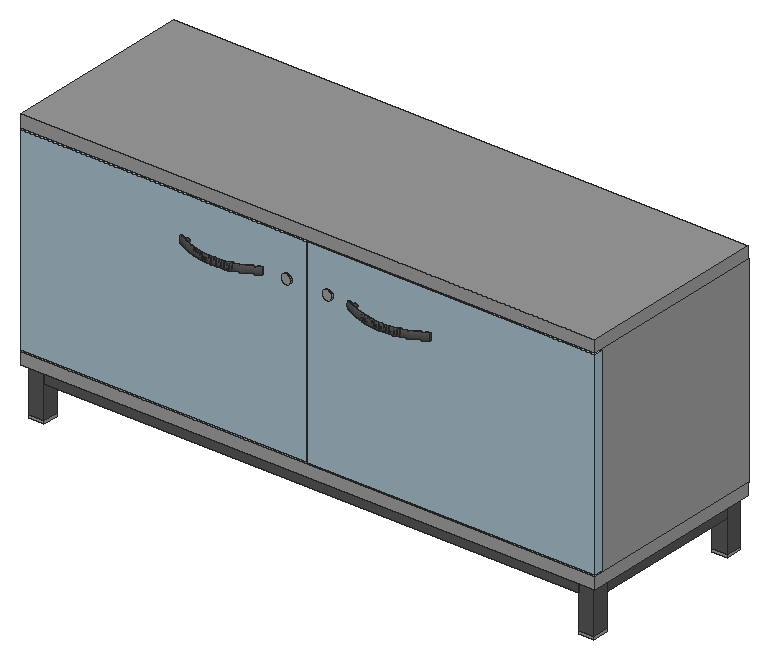
Revit family "1200 Low Storage", category Furniture, Revit 2019
Family settings
  OmniClass Number = 23.40.20.00
  OmniClass Title = General Furniture and Specialties
  Work Plane-Based = No
  Always vertical = Yes
  Cut with Voids When Loaded = No
  Shared = No
  Room Calculation Point = No
Parameters (values of type "Storage - 1200 Low Storage Unit")
  Width = 1200 mm
  URL = "www.gof.co.uk"
  Range = "STORAGE"
  Product Data Specification = ""
  Product Code = "KQ1206ST"
  Product Brochure = ""
  Model = "KULTURE QUOLL"
  Manufacturer = "Gresham Office Furniture"  # constant formula
  Handle = Gresham - BLACK METAL
  Frame = Gresham - BLACK METAL
  Doors = Gresham - Azure
  Carcass = Gresham - MIDNIGHT ASH VERTICAL
  Depth = 400 mm
Reference planes
  plane 1 "Center (Front/Back)": y = 0
  plane 2: z = 0
  plane 3 "Center (Left/Right)": x = 0
  plane 4: x = -600
  plane 5: x = 600
  plane 6: y = 200
  plane 7 "Front": y = -200
  plane 8 "Storage Top": z = 569
  plane 9: z = 556.5
  plane 10 "Door Front": y = -182
  plane 11: z = 112.5
  plane 12: z = 544
  plane 13: z = 1400
  plane 14: z = 984
  plane 15: z = 959
  plane 16: z = 1375
  plane 17: z = 125
  plane 18: z = 100
  plane 19: z = 568.5
  plane 20: z = 543.5
Forms (mm)
  Extrusion 1, solid, material "Gresham - MIDNIGHT ASH VERTICAL" <- "Carcass"
    sketch origin (0, -5.525, 5) x (-1, 0, 0) y (0, -1, 0)
      loop
        line (582, -205.525) -> (582, -187.525) -> (-582, -187.525) -> (-582, -205.525) -> (582, -205.525)
    from 120 to 539
  Extrusion 2, solid, material "Gresham - MIDNIGHT ASH VERTICAL" <- "Carcass"
    sketch origin (0, 0, 0) x (1, 0, 0) y (0, 1, 0)
      loop
        line (-600, 200) -> (-600, -182) -> (-582, -182) -> (-582, 200) -> (-600, 200)
      loop
        line (600, 200) -> (582, 200) -> (582, -182) -> (600, -182) -> (600, 200)
    from 125 to 544
  Extrusion 3, solid, material "Gresham - MIDNIGHT ASH VERTICAL"
    sketch origin (0, 7, -5) x (0, 1, 0) y (0, 0, 1)
      loop
        line (-207, 549) -> (193, 549) -> (193, 574) -> (-207, 574) -> (-207, 549)
    from -600 to 600
  Extrusion 4, solid, material "Gresham - MIDNIGHT ASH VERTICAL" <- "Carcass"
    sketch origin (0, -6.874, 39) x (0, 1, 0) y (0, 0, 1)
      loop
        line (-193.126, 61) -> (206.874, 61) -> (206.874, 86) -> (-193.126, 86) -> (-193.126, 61)
    from -600 to 600
  Extrusion 5, solid, material "Gresham - MIDNIGHT ASH VERTICAL" <- "Carcass"
    sketch origin (-8.088, 0, 0) x (1, 0, 0) y (0, 1, 0)
      loop
        line (17.088, 182) -> (-0.912, 182) -> (-0.912, -182) -> (17.088, -182) -> (17.088, 182)
    from 125 to 544
Dimensions and locks
  equal spacing: plane 4, plane 3 "Center (Left/Right)", plane 5
  "Width": plane 4 to plane 5
  equal spacing: plane 6, plane 1 "Center (Front/Back)", plane 7 "Front"
  locked: Extrusion 2 to Extrusion 2 at 18  (x2)
  Extrusion 3 sketch curve to Extrusion 3 sketch curve = 25 mm
  "Depth": plane 6 to plane 7 "Front"
  Extrusion 2 to plane 7 "Front" = 18 mm
  plane 8 "Storage Top" to plane 2 = 569 mm
  locked: Extrusion 3 to Extrusion 3 at 25
  locked: Extrusion 1 to Extrusion 1 at 18
  locked: plane 8 "Storage Top" to plane 9 at 12.5
  equal spacing: Extrusion 5, plane 3 "Center (Left/Right)", Extrusion 5
  locked: Extrusion 5 to Extrusion 5 at 18
  locked: plane 10 "Door Front" to plane 7 "Front" at 18
  Extrusion 4 sketch curve to Extrusion 4 sketch curve = 25 mm
  equal spacing: Extrusion 4, plane 11, Extrusion 4
  locked: Extrusion 4 to Extrusion 4 at 25
  locked: plane 11 to level at 112.5
  locked: plane 8 "Storage Top" to plane 12 at 25
  plane 12 to plane 11 = 431.5 mm  (x2)
  locked: plane 13 to level at 1400
  locked: plane 14 to level at 984
  locked: plane 14 to plane 15 at 25
  locked: plane 13 to plane 16 at 25
  locked: plane 17 to plane 18 at 25
  locked: plane 19 to plane 20 at 25
  aligned and locked: level to plane 2
  aligned and locked: Extrusion 2 to plane 5
  aligned and locked: Extrusion 2 to plane 4
  aligned and locked: Extrusion 2 to Extrusion 1
  aligned and locked: Extrusion 1 to Extrusion 2  (x3)
  aligned and locked: Extrusion 3 to plane 5
  aligned and locked: Extrusion 3 to plane 4
  aligned and locked: Extrusion 2 to Extrusion 3
  aligned and locked: Extrusion 3 to plane 7 "Front"
  aligned and locked: plane 8 "Storage Top" to Extrusion 3
  aligned and locked: plane 6 to Extrusion 3
  aligned and locked: plane 6 to Extrusion 2  (x2)
  aligned and locked: plane 6 to Extrusion 1
  aligned and locked: plane 6 to Extrusion 4
  aligned and locked: Extrusion 5 sketch curve to Extrusion 1
  aligned and locked: Extrusion 1 to Extrusion 5  (x2)
  aligned and locked: Extrusion 4 to plane 7 "Front"
Automatic sketch dimensions
  Extrusion 1 sketch curve to plane 6 = 0 mm
  plane 5 to Extrusion 1 sketch curve = 18 mm
  plane 4 to Extrusion 1 sketch curve = 18 mm
  Extrusion 1 sketch curve to Extrusion 1 sketch curve = 18 mm
  Extrusion 2 sketch curve to plane 4 = 0 mm
  Extrusion 2 sketch curve to plane 6 = 0 mm  (x2)
  plane 10 "Door Front" to Extrusion 2 sketch curve = 0 mm  (x2)
  Extrusion 2 sketch curve to plane 5 = 0 mm
  plane 4 to Extrusion 2 sketch curve = 18 mm
  plane 5 to Extrusion 2 sketch curve = 18 mm
  Extrusion 3 sketch curve to plane 7 "Front" = 0 mm
  Extrusion 3 sketch curve to plane 6 = 0 mm
  Extrusion 3 sketch curve to plane 12 = 0 mm
  Extrusion 4 sketch curve to plane 7 "Front" = 0 mm
  Extrusion 4 sketch curve to plane 6 = 0 mm
  Extrusion 4 sketch curve to plane 18 = 0 mm
  plane 10 "Door Front" to Extrusion 5 sketch curve = 0 mm
  Extrusion 5 sketch curve to plane 3 "Center (Left/Right)" = 9 mm
  plane 3 "Center (Left/Right)" to Extrusion 5 sketch curve = 9 mm
Nested families
  nested 1: "Modular Storage Frame" at (0, 0, 0), type "Modular Storage Frame"
  nested 2: "Hinged Locking Wooden Doors - HD1 - Level 1" at (0, 0, 0), Doors <- "Doors", Handle <- "Handle", type "Hinged Locking Wooden Doors - HD1 - Level 1"
    with Handle Type D no, Handle Type C no, Handle Type B yes, Handle Gresham - BLACK METAL, Doors Gresham - Azure
Definition of nested family "Modular Storage Frame"
  Parameters (values of type "Modular Storage Frame")
    Width = 1180 mm
    URL = "www.gof.co.uk"
    Frame = none
    Range = "STORAGE"
    Product Data Specification = ""
    Product Code = ""
    Product Brochure = ""
    Model = "MODULAR STORAGE"
    Manufacturer = "Gresham Office Furniture"  # constant formula
    Foot = none
    Depth = 380 mm
  Reference planes
    plane 1 "Center (Front/Back)": y = 0
    plane 2: z = 0
    plane 3 "Center (Left/Right)": x = 0
    plane 4: x = -590
    plane 5: x = 590
    plane 6: y = 190
    plane 7: y = -190
  Forms (mm)
    Extrusion 1, solid, material <- "Frame"
      sketch origin (76, -5.525, 0) x (-1, 0, 0) y (0, -1, 0)
        loop
          line (634, -195.525) -> (634, -170.525) -> (-482, -170.525) -> (-482, -195.525) -> (634, -195.525)
        loop
          line (634, 184.475) -> (-482, 184.475) -> (-482, 159.475) -> (634, 159.475) -> (634, 184.475)
        loop
          line (-514, -163.525) -> (-489, -163.525) -> (-489, 152.475) -> (-514, 152.475) -> (-514, -163.525)
        loop
          line (666, -163.525) -> (666, 152.475) -> (641, 152.475) -> (641, -163.525) -> (666, -163.525)
      from 75 to 100
    Extrusion 2, solid, material <- "Frame"
      sketch origin (0, 0, 0) x (1, 0, 0) y (0, 1, 0)
        loop
          line (590, -190) -> (590, -158) -> (558, -158) -> (558, -190) -> (590, -190)
        loop
          line (590, 190) -> (558, 190) -> (558, 158) -> (590, 158) -> (590, 190)
        loop
          line (-590, -190) -> (-558, -190) -> (-558, -158) -> (-590, -158) -> (-590, -190)
        loop
          line (-590, 190) -> (-590, 158) -> (-558, 158) -> (-558, 190) -> (-590, 190)
      from 5 to 100
    Extrusion 3, solid, material <- "Foot"
      sketch origin (0, 0, 0) x (1, 0, 0) y (0, 1, 0)
        loop
          line (590, 190) -> (558, 190) -> (558, 158) -> (590, 158) -> (590, 190)
        loop
          line (590, -158) -> (558, -158) -> (558, -190) -> (590, -190) -> (590, -158)
        loop
          line (-590, -190) -> (-558, -190) -> (-558, -158) -> (-590, -158) -> (-590, -190)
        loop
          line (-590, 190) -> (-590, 158) -> (-558, 158) -> (-558, 190) -> (-590, 190)
      from 0 to 5
  Dimensions and locks
    equal spacing: plane 4, plane 3 "Center (Left/Right)", plane 5
    "Width": plane 4 to plane 5
    equal spacing: plane 6, plane 1 "Center (Front/Back)", plane 7
    "Depth": plane 6 to plane 7
    Extrusion 2 sketch curve to Extrusion 2 sketch curve = 32 mm  (x7)
    locked: Extrusion 1 to Extrusion 1 at 25
    locked: Extrusion 2 to plane 5 at 32  (x2)
    locked: Extrusion 2 to Extrusion 2 at 32
    locked: plane 6 to Extrusion 2 at 32  (x2)
    locked: plane 4 to Extrusion 2 at 32  (x2)
    locked: Extrusion 2 to plane 7 at 32
    locked: Extrusion 1 to plane 5 at 25
    locked: plane 4 to Extrusion 1 at 25
    Extrusion 1 to plane 2 = 100 mm
    aligned and locked: level to plane 2
    aligned and locked: Extrusion 2 to Extrusion 1
    aligned and locked: plane 6 to Extrusion 1
    aligned and locked: Extrusion 1 sketch curve to Extrusion 2
    aligned and locked: Extrusion 2 to Extrusion 1 sketch curve
  Automatic sketch dimensions
    Extrusion 1 sketch curve to plane 5 = 0 mm
    Extrusion 1 sketch curve to plane 7 = 0 mm
    Extrusion 1 sketch curve to plane 4 = 0 mm
    Extrusion 1 sketch curve to plane 6 = 0 mm
    Extrusion 1 sketch curve to Extrusion 1 sketch curve = 7 mm  (x5)
    plane 4 to Extrusion 1 sketch curve = 32 mm
    Extrusion 1 sketch curve to Extrusion 1 sketch curve = 25 mm  (x2)
    plane 7 to Extrusion 1 sketch curve = 32 mm  (x2)
    Extrusion 3 sketch curve to plane 4 = 0 mm  (x2)
    Extrusion 3 sketch curve to plane 7 = 0 mm  (x2)
    Extrusion 3 sketch curve to plane 6 = 0 mm  (x2)
    Extrusion 3 sketch curve to plane 5 = 0 mm  (x2)
    Extrusion 3 sketch curve to Extrusion 3 sketch curve = 32 mm  (x5)
    plane 7 to Extrusion 3 sketch curve = 32 mm
    Extrusion 3 sketch curve to plane 6 = 32 mm  (x2)
    Extrusion 2 sketch curve to plane 4 = 0 mm  (x2)
    Extrusion 2 sketch curve to plane 6 = 0 mm  (x2)
    Extrusion 2 sketch curve to plane 7 = 0 mm  (x2)
    Extrusion 2 sketch curve to plane 5 = 0 mm  (x2)
    Extrusion 2 sketch curve to Extrusion 2 sketch curve = 32 mm
Definition of nested family "Hinged Locking Wooden Doors - HD1 - Level 1"
  Parameters (values of type "Hinged Locking Wooden Doors - HD1 - Level 1")
    Width = 1200 mm
    URL = "www.gof.co.uk"
    Range = "STORAGE"
    Product Data Specification = ""
    Product Code = "HD1"
    Product Brochure = ""
    Model = "BOOKCASE"
    Manufacturer = "Gresham Office Furniture"  # constant formula
    Height = 1816 mm
    Handle Type D [instance] = no
    Handle Type C [instance] = yes
    Handle Type B [instance] = no
    Handle [instance] = none
    HD1 - Lock = yes
    Doors [instance] = none
    Depth = 400 mm
  Reference planes
    plane 1 "Center (Front/Back)": y = 0
    plane 2: z = 0
    plane 3 "Center (Left/Right)": x = 0
    plane 4: x = -600
    plane 5: x = 600
    plane 6: y = 200
    plane 7 "Front": y = -200
    plane 8 "Storage Top": z = 1816
    plane 9: z = 1803.5
    plane 10 "Door Front": y = -182
    plane 11: z = 112.5
    plane 12: z = 1791
    plane 13: z = 1400
    plane 14: z = 984
    plane 15: z = 959
    plane 16: z = 1375
    plane 17: z = 125
    plane 18: z = 100
  Forms (mm)
    Extrusion 1, solid, material <- "Doors", visible <- "HD1 - Lock"
      sketch origin (-839.743, -182, 703.9) x (1, 0, 0) y (0, 0, 1)
        loop
          line (840.743, -575.4) -> (1439.743, -575.4) -> (1439.743, -163.4) -> (840.743, -163.4) -> (840.743, -575.4)
      from 0 to 18
    Extrusion 2, solid, visible <- "HD1 - Lock"
      sketch origin (0, 0, 0) x (-1, 0, 0) y (0, 0, -1)
        loop
          circle (-43, -457) r 10
      from 200 to 202
    Extrusion 3, solid, material <- "Doors", visible <- "HD1 - Lock"
      sketch origin (839.743, -182, 703.9) x (-1, 0, 0) y (0, 0, -1)
        loop
          line (840.743, 575.4) -> (840.743, 163.4) -> (1439.743, 163.4) -> (1439.743, 575.4) -> (840.743, 575.4)
      from 0 to 18
    Extrusion 4, solid, visible <- "HD1 - Lock"
      sketch origin (0, 0, 0) x (1, 0, 0) y (0, 0, 1)
        loop
          circle (-43, 457) r 10
      from 200 to 202
  Dimensions and locks
    equal spacing: plane 4, plane 3 "Center (Left/Right)", plane 5
    "Width": plane 4 to plane 5
    equal spacing: plane 6, plane 1 "Center (Front/Back)", plane 7 "Front"
    "Depth": plane 6 to plane 7 "Front"
    "Height": plane 8 "Storage Top" to plane 2
    locked: plane 8 "Storage Top" to plane 9 at 12.5
    locked: plane 10 "Door Front" to plane 7 "Front" at 18
    locked: plane 11 to level at 112.5
    locked: plane 8 "Storage Top" to plane 12 at 25
    plane 12 to plane 11 = 1678.5 mm  (x2)
    locked: plane 13 to level at 1400
    locked: plane 14 to level at 984
    locked: plane 14 to plane 15 at 25
    locked: plane 13 to plane 16 at 25
    locked: plane 17 to plane 18 at 25
    locked: Extrusion 1 to Extrusion 1 at 412
    locked: Extrusion 1 to Extrusion 1 at 18
    locked: Extrusion 1 sketch curve to plane 3 "Center (Left/Right)" at 1
    locked: Extrusion 1 to nested 1 at 83.5
    locked: Extrusion 1 to nested 2 at 99
    locked: Extrusion 1 to nested 2 at 83.5
    locked: Extrusion 1 to nested 1 at 99
    locked: Extrusion 1 to nested 3 at 83.5
    locked: Extrusion 1 to nested 3 at 99
    locked: Extrusion 3 to Extrusion 3 at 412
    locked: Extrusion 3 to Extrusion 3 at 18
    locked: Extrusion 3 to nested 3 at 83.5
    locked: Extrusion 3 to nested 6 at 99
    locked: Extrusion 3 to nested 6 at 83.5
    locked: Extrusion 3 to nested 4 at 83.5
    locked: Extrusion 3 to nested 4 at 99
    locked: Extrusion 3 to nested 5 at 83.5
    locked: Extrusion 3 to nested 5 at 99
    locked: Extrusion 1 to plane 17 at 3.5
    aligned and locked: level to plane 2
    aligned and locked: Extrusion 2 sketch curve to nested 1
    aligned and locked: nested 6 to Extrusion 4 sketch curve
  Automatic sketch dimensions
    plane 5 to Extrusion 1 sketch curve = 0 mm
    plane 17 to Extrusion 1 sketch curve = 3.5 mm
    Extrusion 1 sketch curve to Extrusion 1 sketch curve = 412 mm
    Extrusion 2 sketch curve to plane 3 "Center (Left/Right)" = 43 mm
    Extrusion 3 sketch curve to plane 4 = 0 mm
    Extrusion 3 sketch curve to plane 3 "Center (Left/Right)" = 1 mm
    plane 17 to Extrusion 3 sketch curve = 415.5 mm
    plane 17 to Extrusion 3 sketch curve = 3.5 mm
    Extrusion 4 sketch curve to plane 3 "Center (Left/Right)" = 43 mm
    radius of Extrusion 2 sketch curve = 10 mm
    radius of Extrusion 4 sketch curve = 10 mm
  Nested families
    nested 1: "Handle Type C-1" at (175, -200, -524.138) x (-1, 0, 0) z (0, 0, 1), visible <- "Handle Type C", type "Handle Type C-1"
    nested 2: "Handle Type B-1" at (175, -200, -537.578) x (-1, 0, 0) z (0, 0, 1), visible <- "Handle Type B", type "Handle Type B-1"
    nested 3: "Handle Type D-1" at (175, -200, -537.578) x (-1, 0, 0) z (0, 0, 1), visible <- "Handle Type D", type "Handle Type D-1"
    nested 4: "Handle Type C-1" at (-175, -200, -524.138), visible <- "Handle Type C", type "Handle Type C-1"
    nested 5: "Handle Type B-1" at (-175, -200, -537.578), visible <- "Handle Type B", type "Handle Type B-1"
    nested 6: "Handle Type D-1" at (-175, -200, -537.578), visible <- "Handle Type D", type "Handle Type D-1"
  Definition of nested family "Handle Type C-1"
    Parameters (values of type "Handle Type C-1")
      URL = "www.gof.co.uk"
      Type Comments = ""
      Range = "STORAGE"
      Handle Type C = none
      Product Code = "Handle Type C"
      Model = ""
      Manufacturer = "Gresham Office Furniture"  # constant formula
      Assembly Code = "E2020200"
    Reference planes
      plane 1 "Center (Front/Back)": y = 0
      plane 2: z = 0
      plane 3 "Center (Left/Right)": x = 0
      plane 4: x = -475
      plane 5: x = 475
      plane 6 "Storage Top": z = 2007
      plane 7: y = 260
      plane 8: y = -260
    Forms (mm)
      Extrusion 1, void
        sketch origin (981.138, 0, 981.138) x (0, 1, 0) y (-1, 0, 0)
          loop
            line (0, 1072) -> (0, 884.5) -> (27.401, 884.5) -> (27.401, 1072) -> (0, 1072)
        from -12.204 to 11.22
      Sweep 2, solid, material <- "Handle Type C"
        path in 3D
          loop
            arc (-78.75, 3.75, 981.138) -> (0, -30, 981.138) -> (78.75, 3.75, 981.138) r 108.75
        profile origin (0, -30, 981.138) x (0, 1, 0) y (0, 0, 1)
          loop
            circle (0, 0) r 5
    Cuts and joins
      Extrusion 1 cuts Sweep 2
    Lines and regions (mm)
      model lines, detail levels coarse+medium
        curve 1: line (68, 0, 981.138) -> (-68, 0, 981.138)
      model lines, not visible, detail levels coarse+medium
        curve 2: line (0, 0, 986.138) -> (0, 0, 976.138)
      model lines, not visible
        curve 3: line (0, 0, 981.138) -> (0, -30, 981.138)
        curve 5: line (-75, 0, 976.138) -> (-75, 0, 986.138)
        curve 6: line (75, 0, 986.138) -> (75, 0, 976.138)
      sketch lines
        curve 4: arc (-78.75, 3.75, 981.138) -> (0, -30, 981.138) -> (78.75, 3.75, 981.138) r 108.75
    Dimensions and locks
      equal spacing: plane 4, plane 3 "Center (Left/Right)", plane 5
      locked: plane 4 to plane 5 at 950
      equal spacing: plane 7, plane 1 "Center (Front/Back)", plane 8
      locked: plane 7 to plane 8 at 520
      aligned and locked: level to plane 2
    Automatic sketch dimensions
      curve 3 to plane 1 "Center (Front/Back)" = 0 mm
      plane 1 "Center (Front/Back)" to curve 3 = 30 mm
      curve 2 to plane 3 "Center (Left/Right)" = 0 mm
      level to curve 2 = 976.138 mm
      curve 1 to plane 3 "Center (Left/Right)" = 68 mm
      curve 5 to curve 1 = 7 mm
      plane 3 "Center (Left/Right)" to curve 1 = 68 mm
      curve 1 to curve 6 = 7 mm
      curve 6 to curve 2 = 0 mm
      curve 5 to curve 2 = 0 mm
      curve 5 to curve 1 = 5 mm
      curve 1 to curve 6 = 5 mm
      curve 1 to curve 5 = 5 mm
      curve 2 to curve 2 = 10 mm
      plane 1 "Center (Front/Back)" to Extrusion 1 sketch curve = 0 mm
      Extrusion 1 sketch curve to plane 1 "Center (Front/Back)" = 27.401 mm
      plane 3 "Center (Left/Right)" to Extrusion 1 sketch curve = 96.638 mm
      Extrusion 1 sketch curve to plane 3 "Center (Left/Right)" = 90.862 mm
      Sweep 2 sketch curve to profile plane = 0 mm  (x2)
      level to curve 3 = 981.138 mm
      radius of Sweep 2 sketch curve = 5 mm
  Definition of nested family "Handle Type B-1"
    Parameters (values of type "Handle Type B-1")
      URL = "www.gof.co.uk"
      Type Comments = ""
      Range = "STORAGE"
      Handle Type B = none
      Product Code = "Handle Type B"
      Model = ""
      Manufacturer = "Gresham Office Furniture"  # constant formula
      Assembly Code = "E2020200"
    Reference planes
      plane 1 "Center (Front/Back)": y = 0
      plane 2: z = 0
      plane 3 "Center (Left/Right)": x = 0
      plane 4: x = -475
      plane 5: x = 475
      plane 6: y = 260
      plane 7: y = -260
    Forms (mm)
      Extrusion 1, void
        sketch origin (872.923, -128.373, 994.578) x (0, 1, 0) y (-1, 0, 0)
          loop
            line (71.667, 873.923) -> (71.667, 872.291) -> (97.075, 872.291) -> (97.075, 873.923) -> (71.667, 873.923)
        from -6 to 6
      Extrusion 2, solid, material <- "Handle Type B"
        sketch origin (988.138, 0, 994.578) x (0, 0, 1) y (-1, 0, 0)
          loop
            circle (0, 1063.138) r 4
          loop
            circle (0, 913.138) r 4
        from 0 to 10.354
      Sweep 3, solid, material <- "Handle Type B"
        path in 3D
          loop
            arc (-85, -5, 994.578) -> (0, -30, 994.578) -> (85, -5, 994.578) r 157
        profile origin (0, -30, 994.578) x (0, 1, 0) y (0, 0, 1)
          loop
            spline (0, 7.5) -> (-0.776, 7.244) -> (-1.5, 6.495) -> (-2.121, 5.303) -> (-2.598, 3.75) -> (-2.898, 1.941) -> (-3, 0) -> (-2.898, -1.941) -> (-2.598, -3.75) -> (-2.121, -5.303) -> (-1.5, -6.495) -> (-0.776, -7.244) -> (0, -7.5)
            spline (0, -7.5) -> (0.776, -7.244) -> (1.5, -6.495) -> (2.121, -5.303) -> (2.598, -3.75) -> (2.898, -1.941) -> (3, 0) -> (2.898, 1.941) -> (2.598, 3.75) -> (2.121, 5.303) -> (1.5, 6.495) -> (0.776, 7.244) -> (0, 7.5)
      Extrusion 4, void
        sketch origin (867.923, -128.373, 994.578) x (0, 1, 0) y (-1, 0, 0)
          loop
            line (71.667, 873.923) -> (71.667, 872.291) -> (97.075, 872.291) -> (97.075, 873.923) -> (71.667, 873.923)
        from -6 to 6
      Extrusion 5, void
        sketch origin (862.923, -128.373, 994.578) x (0, 1, 0) y (-1, 0, 0)
          loop
            line (71.667, 873.923) -> (71.667, 872.291) -> (98.373, 872.291) -> (98.373, 873.923) -> (71.667, 873.923)
        from -6 to 6
      Extrusion 6, void
        sketch origin (857.923, -128.373, 994.578) x (0, 1, 0) y (-1, 0, 0)
          loop
            line (71.667, 873.923) -> (71.667, 872.291) -> (98.373, 872.291) -> (98.373, 873.923) -> (71.667, 873.923)
        from -6 to 6
      Extrusion 7, void
        sketch origin (852.923, -128.373, 994.578) x (0, 1, 0) y (-1, 0, 0)
          loop
            line (71.667, 873.923) -> (71.667, 872.291) -> (98.842, 872.291) -> (98.842, 873.923) -> (71.667, 873.923)
        from -6 to 6
      Extrusion 8, void
        sketch origin (847.923, -128.373, 994.578) x (0, 1, 0) y (-1, 0, 0)
          loop
            line (71.667, 873.923) -> (71.667, 872.291) -> (99.385, 872.291) -> (99.385, 873.923) -> (71.667, 873.923)
        from -6 to 6
      Extrusion 9, void
        sketch origin (842.923, -128.373, 994.578) x (0, 1, 0) y (-1, 0, 0)
          loop
            line (71.667, 873.923) -> (71.667, 872.291) -> (100.2, 872.291) -> (100.2, 873.923) -> (71.667, 873.923)
        from -6 to 6
      Extrusion 10, void
        sketch origin (837.923, -128.373, 994.578) x (0, 1, 0) y (-1, 0, 0)
          loop
            line (71.667, 873.923) -> (71.667, 872.291) -> (100.984, 872.291) -> (100.984, 873.923) -> (71.667, 873.923)
        from -6 to 6
      Extrusion 11, void
        sketch origin (832.923, -128.373, 994.578) x (0, 1, 0) y (-1, 0, 0)
          loop
            line (71.667, 873.923) -> (71.667, 872.291) -> (102.35, 872.291) -> (102.35, 873.923) -> (71.667, 873.923)
        from -6 to 6
      Extrusion 12, void
        sketch origin (-867.923, -128.373, 994.578) x (0, 1, 0) y (-1, 0, 0)
          loop
            line (71.667, -873.923) -> (97.075, -873.923) -> (97.075, -872.291) -> (71.667, -872.291) -> (71.667, -873.923)
        from -6 to 6
      Extrusion 13, void
        sketch origin (-862.923, -128.373, 994.578) x (0, 1, 0) y (-1, 0, 0)
          loop
            line (71.667, -873.923) -> (98.373, -873.923) -> (98.373, -872.291) -> (71.667, -872.291) -> (71.667, -873.923)
        from -6 to 6
      Extrusion 14, void
        sketch origin (-857.923, -128.373, 994.578) x (0, 1, 0) y (-1, 0, 0)
          loop
            line (71.667, -873.923) -> (98.373, -873.923) -> (98.373, -872.291) -> (71.667, -872.291) -> (71.667, -873.923)
        from -6 to 6
      Extrusion 15, void
        sketch origin (-852.923, -128.373, 994.578) x (0, 1, 0) y (-1, 0, 0)
          loop
            line (71.667, -873.923) -> (98.842, -873.923) -> (98.842, -872.291) -> (71.667, -872.291) -> (71.667, -873.923)
        from -6 to 6
      Extrusion 16, void
        sketch origin (-847.923, -128.373, 994.578) x (0, 1, 0) y (-1, 0, 0)
          loop
            line (71.667, -873.923) -> (99.385, -873.923) -> (99.385, -872.291) -> (71.667, -872.291) -> (71.667, -873.923)
        from -6 to 6
      Extrusion 17, void
        sketch origin (-842.923, -128.373, 994.578) x (0, 1, 0) y (-1, 0, 0)
          loop
            line (71.667, -873.923) -> (100.2, -873.923) -> (100.2, -872.291) -> (71.667, -872.291) -> (71.667, -873.923)
        from -6 to 6
      Extrusion 18, void
        sketch origin (-837.923, -128.373, 994.578) x (0, 1, 0) y (-1, 0, 0)
          loop
            line (71.667, -873.923) -> (100.984, -873.923) -> (100.984, -872.291) -> (71.667, -872.291) -> (71.667, -873.923)
        from -6 to 6
      Extrusion 19, void
        sketch origin (-832.923, -128.373, 994.578) x (0, 1, 0) y (-1, 0, 0)
          loop
            line (71.667, -873.923) -> (102.35, -873.923) -> (102.35, -872.291) -> (71.667, -872.291) -> (71.667, -873.923)
        from -6 to 6
    Cuts and joins
      Extrusion 1, Extrusion 4, Extrusion 5, Extrusion 6, Extrusion 7, Extrusion 8, Extrusion 9, Extrusion 10, Extrusion 11, Extrusion 12, Extrusion 13, Extrusion 14, Extrusion 15, Extrusion 16, Extrusion 17, Extrusion 18, Extrusion 19 cuts Sweep 3
    Lines and regions (mm)
      model lines, not visible, detail levels coarse+medium
        curve 1: line (75, 0, 999.578) -> (75, 0, 989.578)
      model lines, not visible
        curve 2: line (-75, 0, 999.578) -> (-75, 0, 989.578)
        curve 3: line (-75, 0, 994.578) -> (75, 0, 994.578)
        curve 4: line (0, 0, 994.578) -> (0, -30, 994.578)
        curve 6: line (0, 0, 999.578) -> (0, 0, 989.578)
      sketch lines
        curve 5: arc (-85, -5, 994.578) -> (0, -30, 994.578) -> (85, -5, 994.578) r 157
    Dimensions and locks
      equal spacing: plane 4, plane 3 "Center (Left/Right)", plane 5
      locked: plane 4 to plane 5 at 950
      equal spacing: plane 6, plane 1 "Center (Front/Back)", plane 7
      locked: plane 6 to plane 7 at 520
      aligned and locked: level to plane 2
    Automatic sketch dimensions
      curve 4 to curve 4 = 30 mm
      curve 6 to plane 3 "Center (Left/Right)" = 0 mm
      plane 3 "Center (Left/Right)" to curve 1 = 75 mm
      level to curve 1 = 989.578 mm
      curve 3 to plane 3 "Center (Left/Right)" = 75 mm
      curve 2 to curve 1 = 0 mm
      curve 6 to curve 1 = 0 mm
      curve 2 to curve 3 = 5 mm
      curve 6 to curve 6 = 10 mm
      curve 3 to curve 2 = 5 mm
      curve 3 to curve 1 = 5 mm
      plane 3 "Center (Left/Right)" to Extrusion 1 sketch curve = 0.632 mm
      plane 1 "Center (Front/Back)" to Extrusion 1 sketch curve = 56.707 mm
      Extrusion 1 sketch curve to Extrusion 1 sketch curve = 25.409 mm
      Extrusion 1 sketch curve to plane 3 "Center (Left/Right)" = 1 mm
      plane 3 "Center (Left/Right)" to Extrusion 2 sketch curve = 75 mm
      level to Extrusion 2 sketch curve = 994.578 mm
      Extrusion 2 sketch curve to plane 3 "Center (Left/Right)" = 75 mm
      Extrusion 2 sketch curve to Extrusion 2 sketch curve = 0 mm
      Sweep 3 sketch curve to profile plane = 0 mm  (x2)
      Sweep 3 sketch curve to Sweep 3 sketch curve = 7.5 mm
      Extrusion 4 sketch curve to plane 3 "Center (Left/Right)" = 4.368 mm
      plane 1 "Center (Front/Back)" to Extrusion 4 sketch curve = 56.707 mm
      Extrusion 4 sketch curve to Extrusion 4 sketch curve = 25.409 mm
      Extrusion 4 sketch curve to Extrusion 4 sketch curve = 1.632 mm
      Extrusion 5 sketch curve to plane 3 "Center (Left/Right)" = 9.368 mm
      plane 1 "Center (Front/Back)" to Extrusion 5 sketch curve = 56.707 mm
      Extrusion 5 sketch curve to Extrusion 5 sketch curve = 26.707 mm
      Extrusion 5 sketch curve to Extrusion 5 sketch curve = 1.632 mm
      Extrusion 6 sketch curve to plane 3 "Center (Left/Right)" = 14.368 mm
      plane 1 "Center (Front/Back)" to Extrusion 6 sketch curve = 56.707 mm
      Extrusion 6 sketch curve to Extrusion 6 sketch curve = 26.707 mm
      Extrusion 6 sketch curve to Extrusion 6 sketch curve = 1.632 mm
      Extrusion 7 sketch curve to plane 3 "Center (Left/Right)" = 19.368 mm
      plane 1 "Center (Front/Back)" to Extrusion 7 sketch curve = 56.707 mm
      Extrusion 7 sketch curve to Extrusion 7 sketch curve = 27.176 mm
      Extrusion 7 sketch curve to Extrusion 7 sketch curve = 1.632 mm
      Extrusion 8 sketch curve to plane 3 "Center (Left/Right)" = 24.368 mm
      plane 1 "Center (Front/Back)" to Extrusion 8 sketch curve = 56.707 mm
      Extrusion 8 sketch curve to Extrusion 8 sketch curve = 27.719 mm
      Extrusion 8 sketch curve to Extrusion 8 sketch curve = 1.632 mm
      plane 1 "Center (Front/Back)" to Extrusion 9 sketch curve = 56.707 mm
      plane 1 "Center (Front/Back)" to Extrusion 9 sketch curve = 28.173 mm
      Extrusion 9 sketch curve to plane 3 "Center (Left/Right)" = 29.368 mm
      Extrusion 9 sketch curve to Extrusion 9 sketch curve = 1.632 mm
      plane 1 "Center (Front/Back)" to Extrusion 10 sketch curve = 56.707 mm
      plane 1 "Center (Front/Back)" to Extrusion 10 sketch curve = 27.389 mm
      Extrusion 10 sketch curve to plane 3 "Center (Left/Right)" = 34.368 mm
      Extrusion 10 sketch curve to Extrusion 10 sketch curve = 1.632 mm
      plane 1 "Center (Front/Back)" to Extrusion 11 sketch curve = 56.707 mm
      plane 1 "Center (Front/Back)" to Extrusion 11 sketch curve = 26.024 mm
      Extrusion 11 sketch curve to plane 3 "Center (Left/Right)" = 39.368 mm
      Extrusion 11 sketch curve to Extrusion 11 sketch curve = 1.632 mm
      plane 3 "Center (Left/Right)" to Extrusion 12 sketch curve = 4.368 mm
      plane 1 "Center (Front/Back)" to Extrusion 12 sketch curve = 56.707 mm
      Extrusion 12 sketch curve to Extrusion 12 sketch curve = 25.409 mm
      Extrusion 12 sketch curve to Extrusion 12 sketch curve = 1.632 mm
      plane 3 "Center (Left/Right)" to Extrusion 13 sketch curve = 9.368 mm
      plane 1 "Center (Front/Back)" to Extrusion 13 sketch curve = 56.707 mm
      Extrusion 13 sketch curve to Extrusion 13 sketch curve = 26.707 mm
      Extrusion 13 sketch curve to Extrusion 13 sketch curve = 1.632 mm
      plane 3 "Center (Left/Right)" to Extrusion 14 sketch curve = 14.368 mm
      plane 1 "Center (Front/Back)" to Extrusion 14 sketch curve = 56.707 mm
      Extrusion 14 sketch curve to Extrusion 14 sketch curve = 26.707 mm
      Extrusion 14 sketch curve to Extrusion 14 sketch curve = 1.632 mm
      plane 3 "Center (Left/Right)" to Extrusion 15 sketch curve = 19.368 mm
      plane 1 "Center (Front/Back)" to Extrusion 15 sketch curve = 56.707 mm
      Extrusion 15 sketch curve to Extrusion 15 sketch curve = 27.176 mm
      Extrusion 15 sketch curve to Extrusion 15 sketch curve = 1.632 mm
      plane 3 "Center (Left/Right)" to Extrusion 16 sketch curve = 24.368 mm
      plane 1 "Center (Front/Back)" to Extrusion 16 sketch curve = 56.707 mm
      Extrusion 16 sketch curve to Extrusion 16 sketch curve = 27.719 mm
      Extrusion 16 sketch curve to Extrusion 16 sketch curve = 1.632 mm
      plane 1 "Center (Front/Back)" to Extrusion 17 sketch curve = 56.707 mm
      plane 1 "Center (Front/Back)" to Extrusion 17 sketch curve = 28.173 mm
      plane 3 "Center (Left/Right)" to Extrusion 17 sketch curve = 31 mm
      Extrusion 17 sketch curve to Extrusion 17 sketch curve = 1.632 mm
      plane 1 "Center (Front/Back)" to Extrusion 18 sketch curve = 56.707 mm
      plane 1 "Center (Front/Back)" to Extrusion 18 sketch curve = 27.389 mm
      plane 3 "Center (Left/Right)" to Extrusion 18 sketch curve = 36 mm
      Extrusion 18 sketch curve to Extrusion 18 sketch curve = 1.632 mm
      plane 1 "Center (Front/Back)" to Extrusion 19 sketch curve = 56.707 mm
      plane 1 "Center (Front/Back)" to Extrusion 19 sketch curve = 26.024 mm
      plane 3 "Center (Left/Right)" to Extrusion 19 sketch curve = 41 mm
      Extrusion 19 sketch curve to Extrusion 19 sketch curve = 1.632 mm
      curve 4 to plane 1 "Center (Front/Back)" = 0 mm
      level to curve 4 = 994.578 mm
      radius of Extrusion 2 sketch curve = 4 mm  (x2)
  Definition of nested family "Handle Type D-1"
    Parameters (values of type "Handle Type D-1")
      URL = "www.gof.co.uk"
      Type Comments = ""
      Range = "STORAGE"
      Handle Type D = none
      Product Code = "Handle Type D"
      Model = ""
      Manufacturer = "Gresham Office Furniture"  # constant formula
      Assembly Code = "E2020200"
    Reference planes
      plane 1 "Center (Front/Back)": y = 0
      plane 2: z = 0
      plane 3 "Center (Left/Right)": x = 0
      plane 4: x = -475
      plane 5: x = 475
      plane 6: y = 260
      plane 7: y = -260
    Forms (mm)
      Extrusion 1, solid, material <- "Handle Type D"
        sketch origin (994.578, 0, 994.578) x (0, 0, 1) y (0, 1, 0)
          loop
            line (5, 0) -> (-5, 0) -> (-5, -6.91)
            arc (-5, -6.91) -> (-7.006, -15.176) -> (0, -20) r 7.5
            arc (0, -20) -> (7.006, -15.176) -> (5, -6.91) r 7.5
            line (5, -6.91) -> (5, 0)
        from 919.578 to 1069.578
    Lines and regions (mm)
      model lines, not visible, detail levels coarse+medium
        curve 1: line (75, 0, 999.578) -> (75, 0, 989.578)
        curve 2: line (-75, 0, 999.578) -> (-75, 0, 989.578)
      model lines, detail levels coarse+medium
        curve 3: line (-75, 0, 994.578) -> (75, 0, 994.578)
      model lines, not visible
        curve 4: line (0, 0, 999.578) -> (0, 0, 989.578)
    Dimensions and locks
      aligned and locked: level to plane 2
